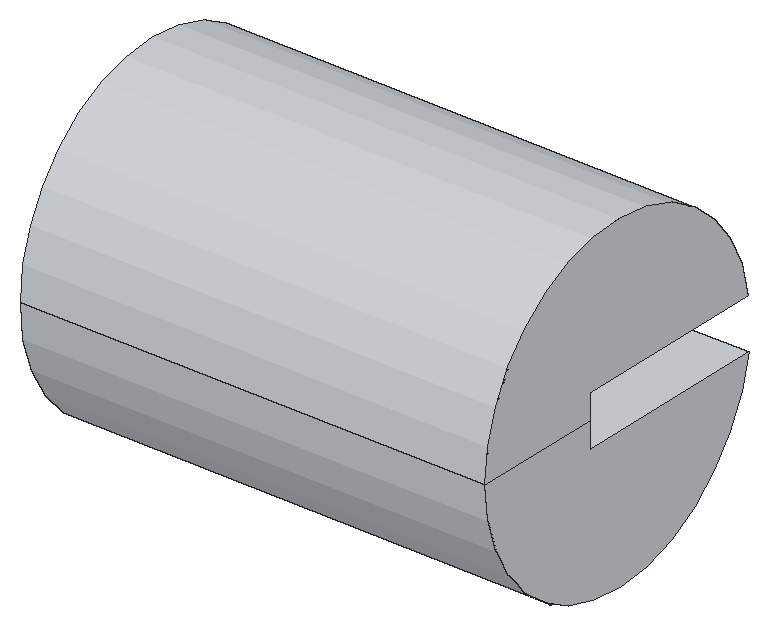
Revit family "Alcon - 15100_Large Spot-Linear_Cylider", category Lighting Fixtures, Revit 2025
Family settings
  Round Connector Dimension = Use Diameter
  Part Type = Normal
  Cut with Voids When Loaded = No
  Light Source = Yes
  Maintain Annotation Orientation = No
  Shared = No
  Room Calculation Point = No
Parameters
  Wattage = 9.2903 W
  built-in parameter 1150110 = 1 (stored number, unit not read)
  built-in parameter 1114217 = 1 (stored number, unit not read)
  Tilt Angle = 60.00°
  built-in parameter 1150109 = 1 (stored number, unit not read)
  built-in parameter 1150134 = 3
  built-in parameter 1150113 = 1 (stored number, unit not read)
  built-in parameter 1010507 = 1.5708 (stored number, unit not read)
  built-in parameter 1010506 = 0.5236 (stored number, unit not read)
  built-in parameter 1150105 = 4614.1 (stored number, unit not read)
  Lumens = 1380 lm
  built-in parameter 1150115 = 1 (stored number, unit not read)
  Light Source Symbol Length = 10' - 0"
  built-in parameter 1150137 = (empty or 0)
  built-in parameter 1150139 = (empty or 0)
  built-in parameter 1001306 [instance] = 4' - 0"
  built-in parameter 1150112 = 1 (stored number, unit not read)
  built-in parameter 1150114 = 1 (stored number, unit not read)
  built-in parameter 1150132 = (empty or 0)
  built-in parameter 1150102 = (empty or 0)
  built-in parameter 1150107 = 3200 (stored number, unit not read)
  built-in parameter 1150138 = (empty or 0)
  built-in parameter 1150106 = 46.141 (stored number, unit not read)
  Housing = none
  built-in parameter 1150104 = 13.8 (stored number, unit not read)
  Dimming Lamp Color Temperature Shift = (empty or 0)
  Default Elevation = 0' - 0"
  Color Filter = 16777215
  built-in parameter 1114218 = 1 (stored number, unit not read)
  built-in parameter 1150133 = 10 (stored number, unit not read)
Reference planes (in)
  plane 1 "Center (Front/Back)": y = 0
  plane 2: z = 0
  plane 3 "Left": x = 0
  plane 4 "Right": x = 48
Forms (in)
  Revolve 1, solid, material <- "Housing"
    sketch origin (-3.14623, 0, 0) x (1, 0, 0) y (0, 1, 0)
      loop
        line (0, 1.26) -> (0, 1.17797) -> (1.66299, 1.17797) -> (1.66299, 0) -> (3.54, 0) -> (3.54, 1.26) -> (0, 1.26)
      axis (0, 0) -> (3.54, 0)
    angle from 0 to 360
  Extrusion 2, void
    sketch origin (0, 0, -0.02749) x (1, 0, 0) y (0, 0, 1)
      loop
        line (-0.159, 0.22116) -> (-0.159, -0.16617) -> (0.39377, -0.16617) -> (0.39377, 0.22116) -> (-0.159, 0.22116)
    from 0.26773 to -1.31381
Cuts and joins
  Extrusion 2 cuts Revolve 1
Lines and regions (in)
  reference lines
    curve 1: line (0, 0, 0) -> (48, 0, 0)
  model lines
    curve 2: line (0, 0, 0) -> (-14.65601, 0, 0)
Dimensions and locks (in)
  "built-in parameter 1001306": plane 3 "Left" to plane 4 "Right"
  aligned and locked: plane 4 "Right" to curve 1
  aligned and locked: plane 1 "Center (Front/Back)" to curve 1
  aligned and locked: plane 3 "Left" to curve 1
  aligned and locked: level to plane 2
Automatic sketch dimensions
  plane 1 "Center (Front/Back)" to curve 2 = 0' - 0"
  curve 2 to plane 3 "Left" = 0' - 0"
  curve 2 to curve 2 = 1' - 2.65601"
  Extrusion 2 sketch curve to plane 3 "Left" = 0' - 0.159"
  Extrusion 2 sketch curve to level = 0' - 0.19366"
  plane 3 "Left" to Extrusion 2 sketch curve = 0' - 0.39377"
  level to Extrusion 2 sketch curve = 0' - 0.19366"
  plane 1 "Center (Front/Back)" to Revolve 1 sketch curve = 0' - 0"  (x2)
  Revolve 1 sketch curve to plane 1 "Center (Front/Back)" = 0' - 1.26"
  Revolve 1 sketch curve to plane 3 "Left" = 0' - 3.14623"
  Revolve 1 sketch curve to plane 3 "Left" = 0' - 1.48324"
  plane 3 "Left" to Revolve 1 sketch curve = 0' - 0.39377"
  Revolve 1 sketch curve to Revolve 1 sketch curve = 0' - 0 21/256"
  Revolve 1 sketch curve to Revolve 1 sketch curve = 0' - 0.14768"
  Revolve 1 sketch curve to Revolve 1 sketch curve = 0' - 0.23469"
